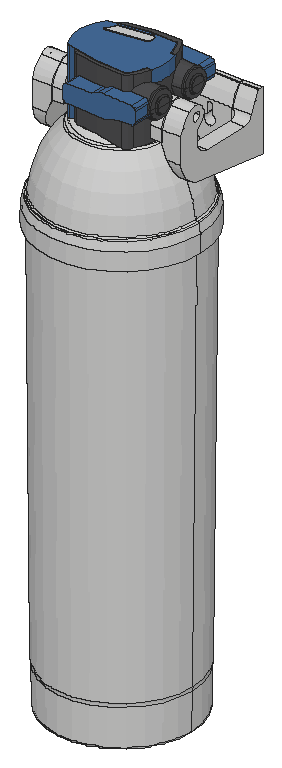
Revit family "DefaultType", category Specialty Equipment, Revit 2018 (continued)
Definition of nested family "QF_Vivreau_Wall Bracket_C500"
  Forms (in)
    Extrusion 4, void
      sketch origin (0, 0, 0) x (1, 0, 0) y (0, 0, 1)
        loop
          arc (1.43554, 54.83453) -> (1.53706, 54.4449) -> (1.64054, 54.83401) r 0.20818
          line (1.64054, 54.83401) -> (1.64054, 55.15765)
          arc (1.64054, 55.15765) -> (1.53804, 55.23272) -> (1.43554, 55.15765) r 0.10752
          line (1.43554, 55.15765) -> (1.43554, 54.83453)
        loop
          arc (3.85556, 54.83453) -> (3.95709, 54.4449) -> (4.06057, 54.83401) r 0.20818
          line (4.06057, 54.83401) -> (4.06057, 55.15765)
          arc (4.06057, 55.15765) -> (3.95806, 55.23272) -> (3.85556, 55.15765) r 0.10752
          line (3.85556, 55.15765) -> (3.85556, 54.83453)
      from 0 to 0.50028
    Extrusion 5, solid
      sketch origin (0, 0, 0) x (0, 1, 0) y (0, 0, 1)
        loop
          arc (-3.32952, 56.64719) -> (-3.60078, 56.37477) -> (-3.74609, 56.01885) r 0.97803
          line (-3.74609, 56.01885) -> (-3.74609, 55.58356) -> (-3.04993, 55.58356) -> (-3.04993, 55.82751)
          arc (-3.04993, 55.82751) -> (-3.01891, 55.92778) -> (-2.95631, 56.01202) r 0.31113
          arc (-2.95631, 56.01202) -> (-2.87354, 56.09395) -> (-2.79381, 56.17883) r 3.21432
          arc (-2.79381, 56.17883) -> (-2.73635, 56.27963) -> (-2.7179, 56.39419) r 0.32555
          arc (-2.7179, 56.39419) -> (-2.77627, 56.58692) -> (-2.92668, 56.72083) r 0.37126
          arc (-2.92668, 56.72083) -> (-3.14017, 56.75004) -> (-3.32952, 56.64719) r 0.34587
      from 0.71175 to 1.13945
    Extrusion 6, solid
      sketch origin (4.34798, 0, 0) x (0, 1, 0) y (0, 0, 1)
        loop
          arc (-3.32952, 56.64719) -> (-3.60078, 56.37477) -> (-3.74609, 56.01885) r 0.97803
          line (-3.74609, 56.01885) -> (-3.74609, 55.58356) -> (-3.04993, 55.58356) -> (-3.04993, 55.82751)
          arc (-3.04993, 55.82751) -> (-3.01891, 55.92778) -> (-2.95631, 56.01202) r 0.31113
          arc (-2.95631, 56.01202) -> (-2.87354, 56.09395) -> (-2.79381, 56.17883) r 3.21432
          arc (-2.79381, 56.17883) -> (-2.73635, 56.27963) -> (-2.7179, 56.39419) r 0.32555
          arc (-2.7179, 56.39419) -> (-2.77627, 56.58692) -> (-2.92668, 56.72083) r 0.37126
          arc (-2.92668, 56.72083) -> (-3.14017, 56.75004) -> (-3.32952, 56.64719) r 0.34587
      from 0 to 0.4277
    Extrusion 7, solid
      sketch origin (0, 0, 0) x (0, 1, 0) y (0, 0, 1)
        loop
          circle (-3.06236, 56.38281) r 0.17302
      from 1.13945 to 1.35172
    Extrusion 8, solid
      sketch origin (2.86179, 0, 0) x (0, 1, 0) y (0, 0, 1)
        loop
          circle (-3.06236, 56.38281) r 0.17302
      from 1.19877 to 1.48618
    Extrusion 9, void
      sketch origin (0, 0, 0) x (1, 0, 0) y (0, 0, 1)
        loop
          line (0.15642, 53.82017) -> (0.15642, 53.76981) -> (0.77378, 53.76981) -> (0.77378, 55.54717) -> (0.71175, 55.54717)
          arc (0.71175, 55.54717) -> (0.39158, 54.69733) -> (0.15642, 53.82017) r 9.23624
      from 0.51986 to 3.74609
    Extrusion 10, void
      sketch origin (5.48742, 0, 0) x (-1, 0, 0) y (0, 0, -1)
        loop
          arc (0.15642, -53.82017) -> (0.39158, -54.69733) -> (0.71175, -55.54717) r 9.23624
          line (0.71175, -55.54717) -> (0.77378, -55.54717) -> (0.77378, -53.76981) -> (0.15642, -53.76981) -> (0.15642, -53.82017)
      from 0.51986 to 3.74609
  Cuts and joins
    Extrusion 4, Extrusion 9 cuts Extrusion 3
    Extrusion 9, Extrusion 10 cuts Extrusion 1
    Extrusion 10 cuts Extrusion 2
  Lines and regions (in)
    symbolic lines
      curve 1: line (0, -3.23537, 56.38281) -> (0, -2.88934, 56.38281)
      curve 2: line (0.40405, -0.13295, 0) -> (0.40405, 0, 0)
      curve 3: line (0.40405, 0, 0) -> (5.08337, 0, 0)
      curve 4: line (5.08337, -0.13295, 0) -> (5.08337, 0, 0)
      curve 5: line (0.40405, -0.13295, 0) -> (5.08337, -0.13295, 0)
      curve 6: arc (0.40405, -0.13295, 0) -> (0.42218, -0.30656, 0) -> (0.44979, -0.47891, 0) r 3.18691
      curve 7: arc (0.44979, -0.47891, 0) -> (0.44265, -0.54927, 0) -> (0.42407, -0.6175, 0) r 0.42983
      curve 8: arc (0.42407, -0.6175, 0) -> (0.08893, -1.60757, 0) -> (0, -2.64903, 0) r 4.34392
      curve 9: arc (1.01852, -0.51986, 0) -> (0.66155, -1.5729, 0) -> (0.57957, -2.68176, 0) r 4.40598
      curve 10: line (0.39328, -2.68176, 0) -> (1.02034, -2.68176, 0)
      curve 11: line (1.02034, -2.68176, 0) -> (1.02034, -3.68176, 0)
      curve 12: arc (0.39328, -2.68176, 0) -> (0.27454, -2.7648, 0) -> (0.22894, -2.90232, 0) r 0.23018
      curve 13: arc (0.12248, -3.08148, 0) -> (0.15422, -3.06272, 0) -> (0.17635, -3.03322, 0) r 0.09432
      curve 14: arc (0.17635, -3.03322, 0) -> (0.20476, -2.96863, 0) -> (0.22894, -2.90232, 0) r 1.08965
      curve 15: arc (0.12248, -3.08148, 0) -> (0.0982, -3.08363, 0) -> (0.07385, -3.08469, 0) r 0.54642
      curve 16: arc (0.07385, -3.08469, 0) -> (0.04284, -3.05822, 0) -> (0.0293, -3.01977, 0) r 0.07844
      curve 17: arc (0.39328, -2.68176, 0) -> (0.44322, -2.69561, 0) -> (0.47889, -2.7332, 0) r 0.09696
      curve 18: arc (0.47889, -2.7332, 0) -> (0.51971, -2.80727, 0) -> (0.54276, -2.88864, 0) r 0.37227
      curve 19: arc (0.54276, -2.88864, 0) -> (0.55909, -3.03706, 0) -> (0.54276, -3.18547, 0) r 0.68254
      curve 20: arc (0.54276, -3.18547, 0) -> (0.46763, -3.39851, 0) -> (0.34409, -3.58761, 0) r 0.94478
      curve 21: arc (0.34409, -3.58761, 0) -> (0.29471, -3.65131, 0) -> (0.23677, -3.70733, 0) r 0.5646
      curve 22: arc (0.23677, -3.70733, 0) -> (0.20133, -3.72715, 0) -> (0.16121, -3.73335, 0) r 0.11449
      curve 23: arc (0.16121, -3.73335, 0) -> (0.12018, -3.73371, 0) -> (0.07926, -3.73682, 0) r 0.61075
      curve 24: arc (0.07926, -3.73682, 0) -> (0.02221, -3.70198, 0) -> (0, -3.63894, 0) r 0.09968
      curve 25: line (0, -3.63894, 0) -> (0, -2.64903, 0)
      curve 26: arc (0.0293, -3.01977, 0) -> (0.01004, -2.90893, 0) -> (0, -2.79687, 0) r 1.36079
      curve 27: arc (0.07926, -3.73682, 0) -> (0.21195, -3.74363, 0) -> (0.3448, -3.74609, 0) r 4.0609
      curve 28: arc (0.3448, -3.74609, 0) -> (0.65283, -3.73623, 0) -> (0.95923, -3.70313, 0) r 4.07828
      curve 29: arc (0.95923, -3.70313, 0) -> (0.99081, -3.69537, 0) -> (1.02034, -3.68176, 0) r 0.17058
      curve 30: arc (5.08337, -0.13295, 0) -> (5.06524, -0.30656, 0) -> (5.03763, -0.47891, 0) r 3.18691
      curve 31: arc (5.03763, -0.47891, 0) -> (5.04477, -0.54927, 0) -> (5.06335, -0.6175, 0) r 0.42983
      curve 32: arc (5.06335, -0.6175, 0) -> (5.39849, -1.60757, 0) -> (5.48742, -2.64903, 0) r 4.34392
      curve 33: arc (4.4689, -0.51986, 0) -> (4.82587, -1.5729, 0) -> (4.90785, -2.68176, 0) r 4.40598
      curve 34: line (5.09414, -2.68176, 0) -> (4.46708, -2.68176, 0)
      curve 35: line (4.46708, -2.68176, 0) -> (4.46708, -3.68176, 0)
      curve 36: arc (5.09414, -2.68176, 0) -> (5.21288, -2.7648, 0) -> (5.25848, -2.90232, 0) r 0.23018
      curve 37: arc (5.36494, -3.08148, 0) -> (5.3332, -3.06272, 0) -> (5.31108, -3.03322, 0) r 0.09432
      curve 38: arc (5.31108, -3.03322, 0) -> (5.28266, -2.96863, 0) -> (5.25848, -2.90232, 0) r 1.08965
      curve 39: arc (5.36494, -3.08148, 0) -> (5.38922, -3.08363, 0) -> (5.41358, -3.08469, 0) r 0.54642
      curve 40: arc (5.41358, -3.08469, 0) -> (5.44458, -3.05822, 0) -> (5.45812, -3.01977, 0) r 0.07844
      curve 41: arc (5.09414, -2.68176, 0) -> (5.0442, -2.69561, 0) -> (5.00853, -2.7332, 0) r 0.09696
      curve 42: arc (5.00853, -2.7332, 0) -> (4.96771, -2.80727, 0) -> (4.94466, -2.88864, 0) r 0.37227
      curve 43: arc (4.94466, -2.88864, 0) -> (4.92833, -3.03706, 0) -> (4.94466, -3.18547, 0) r 0.68254
      curve 44: arc (4.94466, -3.18547, 0) -> (5.01979, -3.39851, 0) -> (5.14334, -3.58761, 0) r 0.94478
      curve 45: arc (5.14334, -3.58761, 0) -> (5.19271, -3.65131, 0) -> (5.25065, -3.70733, 0) r 0.5646
      curve 46: arc (5.25065, -3.70733, 0) -> (5.28609, -3.72715, 0) -> (5.32621, -3.73335, 0) r 0.11449
      curve 47: arc (5.32621, -3.73335, 0) -> (5.36725, -3.73371, 0) -> (5.40816, -3.73682, 0) r 0.61075
      curve 48: arc (5.40816, -3.73682, 0) -> (5.46521, -3.70198, 0) -> (5.48742, -3.63894, 0) r 0.09968
      curve 49: line (5.48742, -3.63894, 0) -> (5.48742, -2.64903, 0)
      curve 50: arc (5.45812, -3.01977, 0) -> (5.47738, -2.90893, 0) -> (5.48742, -2.79687, 0) r 1.36079
      curve 51: arc (5.40816, -3.73682, 0) -> (5.27547, -3.74363, 0) -> (5.14262, -3.74609, 0) r 4.0609
      curve 52: arc (5.14262, -3.74609, 0) -> (4.8346, -3.73623, 0) -> (4.52819, -3.70313, 0) r 4.07828
      curve 53: arc (4.52819, -3.70313, 0) -> (4.49661, -3.69537, 0) -> (4.46708, -3.68176, 0) r 0.17058
      curve 54: line (1.1815, -2.88934, 0) -> (1.02034, -2.88934, 0)
      curve 55: line (1.1815, -2.88934, 0) -> (1.1815, -3.23537, 0)
      curve 56: line (1.1815, -3.23537, 0) -> (1.02034, -3.23537, 0)
      curve 57: line (4.17639, -2.88934, 0) -> (4.46708, -2.88934, 0)
      curve 58: line (4.17639, -2.88934, 0) -> (4.17639, -3.23537, 0)
      curve 59: line (4.17639, -3.23537, 0) -> (4.46708, -3.23537, 0)
      curve 60: line (1.01852, -0.51986, 0) -> (4.4689, -0.51986, 0)
      curve 61: line (0, 0, 0) -> (5.48742, 0, 0)
  Dimensions and locks (in)
    "Depth": plane 4 "FRONT" to plane 1 "BACK"
    equal spacing: plane 4 "FRONT", plane 5 "Center (Front/Back)", plane 1 "BACK"
    locked: plane 3 "LEFT" to plane 7 "RIGHT" at 5.48742
    equal spacing: plane 3 "LEFT", plane 8 "Center (Left/Right)", plane 7 "RIGHT"
    plane 10 "Center F/D" to plane 9 "Center F/C" to plane 11 "Center F/E" to plane 12 "Center F/F" to plane 6 "Center (Bottom/Top)" to plane 14 "Center F/N" = 0' - 0.36597" locked, 0' - 0.36396" locked, 0' - 0.94337" locked, 0' - 1.25532" locked, 1' - 5.82017" locked
    locked: plane 13 "Center F/I" to plane 10 "Center F/D" at 0.16528
    "Mounting Height": plane 14 "Center F/N" to plane 2 "REF. LAYER"
    aligned and locked: level to plane 2 "REF. LAYER"
    aligned and locked: plane 11 "Center F/E" to Extrusion 1 sketch curve
    aligned and locked: plane 1 "BACK" to Extrusion 1 sketch curve
    aligned and locked: plane 12 "Center F/F" to Extrusion 1 sketch curve
    aligned and locked: Extrusion 1 sketch curve to plane 12 "Center F/F"
    aligned and locked: plane 4 "FRONT" to Extrusion 1 sketch curve
    aligned and locked: plane 3 "LEFT" to curve 61
    aligned and locked: plane 7 "RIGHT" to curve 61
    aligned and locked: curve 61 to plane 2 "REF. LAYER"
    aligned and locked: Extrusion 5 to cut or joined group of Extrusion 1, Extrusion 9, Extrusion 10
    aligned and locked: Extrusion 6 to cut or joined group of Extrusion 2, Extrusion 10
  Automatic sketch dimensions
    curve 1 to plane 9 "Center F/C" = 0' - 0"
    curve 1 to plane 4 "FRONT" = 0' - 0.51072"
    curve 1 to curve 1 = 0' - 0.34603"
    curve 26 to plane 3 "LEFT" = 0' - 0"
    plane 4 "FRONT" to curve 27 = 0' - 0"
    plane 1 "BACK" to curve 2 = 0' - 0"
    plane 4 "FRONT" to curve 51 = 0' - 0"
    curve 48 to plane 7 "RIGHT" = 0' - 0"
    curve 19 to plane 3 "LEFT" = 0' - 0.12345"
    curve 21 to plane 3 "LEFT" = 0' - 0.12571"
    curve 20 to curve 19 = 0' - 0.25597"
    curve 14 to curve 20 = 0' - 0.42691"
    plane 3 "LEFT" to curve 7 = 0' - 0.02004"
    plane 3 "LEFT" to curve 15 = 0' - 0.06218"
    plane 3 "LEFT" to curve 13 = 0' - 0.09129"
    plane 3 "LEFT" to curve 24 = 0' - 0.09968"
    curve 13 to curve 16 = 0' - 0.01623"
    plane 3 "LEFT" to curve 23 = 0' - 0.146"
    curve 24 to curve 22 = 0' - 0.06438"
    curve 16 to curve 18 = 0' - 0.06786"
    plane 3 "LEFT" to curve 27 = 0' - 0.35368"
    curve 27 to curve 28 = 0' - 0.01466"
    curve 18 to curve 10 = 0' - 0.2179"
    plane 1 "BACK" to curve 5 = 0' - 0.13295"
    plane 3 "LEFT" to curve 5 = 0' - 0.40405"
    curve 17 to curve 12 = 0' - 0.06584"
    curve 12 to curve 33 = 0' - 0.11471"
    curve 29 to plane 4 "FRONT" = 0' - 0.21174"
    curve 22 to curve 29 = 0' - 0.77045"
    plane 1 "BACK" to curve 60 = 0' - 0.51986"
    curve 2 to curve 60 = 0' - 0.61447"
    curve 33 to curve 11 = 0' - 0.51235"
    curve 10 to curve 32 = 0' - 0.12589"
    curve 54 to curve 54 = 0' - 0.16115"
    curve 54 to curve 26 = 0' - 0.17773"
    curve 30 to plane 1 "BACK" = 0' - 0.11117"
    curve 30 to plane 8 "Center (Left/Right)" = 0' - 0.83788"
    curve 6 to plane 1 "BACK" = 0' - 0.11117"
    plane 8 "Center (Left/Right)" to curve 6 = 0' - 0.83788"
    curve 50 to plane 7 "RIGHT" = 0' - 1.35923"
    curve 50 to curve 57 = 0' - 0.0482"
    curve 50 to curve 8 = 0' - 0.213"
    curve 8 to curve 34 = 0' - 0.12589"
    curve 60 to plane 7 "RIGHT" = 0' - 1.01852"
    curve 35 to curve 53 = 0' - 0.08583"
    curve 9 to plane 7 "RIGHT" = 0' - 0.50799"
    curve 9 to curve 36 = 0' - 0.04887"
    curve 5 to plane 7 "RIGHT" = 0' - 0.40405"
    curve 36 to curve 34 = 0' - 0.06584"
    curve 3 to curve 52 = 0' - 0.03571"
    curve 52 to curve 51 = 0' - 0.01466"
    curve 42 to plane 7 "RIGHT" = 0' - 0.17538"
    curve 46 to plane 4 "FRONT" = 0' - 0.12719"
    curve 46 to plane 7 "RIGHT" = 0' - 0 21/128"
    curve 47 to plane 7 "RIGHT" = 0' - 0.146"
    curve 42 to curve 40 = 0' - 0.06786"
    curve 46 to curve 48 = 0' - 0.06438"
    curve 40 to curve 37 = 0' - 0.01623"
    curve 39 to plane 7 "RIGHT" = 0' - 0.06218"
    curve 31 to plane 7 "RIGHT" = 0' - 0.02004"
    plane 7 "RIGHT" to curve 43 = 0' - 0.12345"
    plane 7 "RIGHT" to curve 45 = 0' - 0.12571"
    curve 43 to curve 44 = 0' - 0.25597"
    curve 44 to curve 38 = 0' - 0.42691"
    plane 4 "FRONT" to curve 47 = 0' - 0.59782"
    plane 4 "FRONT" to curve 23 = 0' - 0.59782"
    curve 11 to plane 4 "FRONT" = 0' - 0.06433"
    curve 35 to plane 4 "FRONT" = 0' - 0.06433"
    curve 48 to curve 46 = 0' - 0.02035"
    curve 28 to curve 24 = 0' - 0.10684"
    curve 24 to curve 25 = 0' - 0.00031"
    curve 48 to curve 49 = 0' - 0.00031"
    curve 24 to curve 22 = 0' - 0.02035"
    curve 35 to curve 53 = 0' - 0.14741"
    curve 25 to curve 21 = 0' - 0.36448"
    curve 48 to curve 45 = 0' - 0.36448"
    curve 29 to curve 56 = 0' - 0.29898"
    curve 53 to curve 58 = 0' - 0.29898"
    curve 21 to curve 19 = 0' - 0.23741"
    curve 45 to curve 43 = 0' - 0.23741"
    curve 19 to curve 16 = 0' - 0.02321"
    curve 43 to curve 40 = 0' - 0.02321"
    curve 16 to curve 13 = 0' - 0.02138"
    curve 40 to curve 37 = 0' - 0.02138"
    curve 19 to curve 20 = 0' - 0.05702"
    curve 43 to curve 44 = 0' - 0.05702"
    curve 40 to curve 42 = 0' - 0.06509"
    curve 16 to curve 18 = 0' - 0.06509"
    curve 18 to curve 12 = 0' - 0.04643"
    curve 42 to curve 36 = 0' - 0.04643"
    curve 58 to curve 57 = 0' - 0.34603"
    curve 55 to curve 54 = 0' - 0.34603"
    curve 36 to curve 41 = 0' - 0.12361"
    curve 12 to curve 17 = 0' - 0.12361"
    curve 57 to curve 50 = 0' - 0.15777"
    curve 54 to curve 26 = 0' - 0.15777"
    curve 54 to curve 11 = 0' - 0.20758"
    curve 57 to curve 34 = 0' - 0.20758"
    curve 12 to curve 25 = 0' - 0.25329"
    curve 36 to curve 49 = 0' - 0.25329"
    curve 20 to curve 14 = 0' - 0.41766"
    curve 44 to curve 38 = 0' - 0.41766"
    curve 8 to curve 15 = 0' - 0.11064"
    curve 32 to curve 39 = 0' - 0.11064"
    curve 34 to curve 8 = 0' - 0.18655"
    curve 10 to curve 32 = 0' - 0.18655"
    curve 9 to curve 33 = 0' - 0.23217"
    curve 33 to curve 9 = 0' - 0.23217"
    plane 1 "BACK" to curve 31 = 0' - 0.47084"
    plane 1 "BACK" to curve 7 = 0' - 0.47084"
    curve 51 to plane 1 "BACK" = 0' - 0.31479"
    curve 27 to plane 1 "BACK" = 0' - 0.31479"
    curve 51 to curve 52 = 0' - 0.01732"
    curve 27 to curve 28 = 0' - 0.01732"
    plane 3 "LEFT" to curve 26 = 0' - 0.0293"
    plane 3 "LEFT" to curve 16 = 0' - 0.07385"
    curve 27 to curve 24 = 0' - 0.02042"
    curve 16 to curve 13 = 0' - 0.04863"
    curve 22 to curve 23 = 0' - 0"
    curve 13 to curve 14 = 0' - 0"
    curve 21 to plane 4 "FRONT" = 0' - 0.03876"
    curve 20 to plane 4 "FRONT" = 0' - 0.15848"
    plane 3 "LEFT" to curve 8 = 0' - 0.42407"
    curve 17 to curve 17 = 0' - 0.08561"
    curve 19 to curve 20 = 0' - 0"
    curve 52 to curve 53 = 0' - 0"
    curve 42 to curve 36 = 0' - 0.08364"
    curve 43 to curve 36 = 0' - 0.08364"
    curve 44 to curve 43 = 0' - 0"
    curve 31 to curve 4 = 0' - 0.04574"
    curve 45 to plane 4 "FRONT" = 0' - 0.15848"
    curve 46 to plane 4 "FRONT" = 0' - 0.03876"
    curve 37 to curve 38 = 0' - 0"
    curve 37 to curve 40 = 0' - 0.01496"
    curve 39 to curve 39 = 0' - 0.04863"
    curve 50 to plane 7 "RIGHT" = 0' - 0.0293"
    Extrusion 1 sketch curve to plane 9 "Center F/C" = 0' - 0"
    Extrusion 1 sketch curve to plane 6 "Center (Bottom/Top)" = 0' - 0"
    Extrusion 1 sketch curve to plane 12 "Center F/F" = 0' - 0"
    Extrusion 1 sketch curve to plane 11 "Center F/E" = 0' - 0"
    plane 4 "FRONT" to Extrusion 1 sketch curve = 0' - 1.42987"
    plane 9 "Center F/C" to Extrusion 1 sketch curve = 0' - 0.00416"
    Extrusion 1 sketch curve to plane 4 "FRONT" = 0' - 0.657"
    Extrusion 1 sketch curve to Extrusion 1 sketch curve = 0' - 0.01111"
    Extrusion 1 sketch curve to Extrusion 1 sketch curve = 0' - 0.02674"
    Extrusion 1 sketch curve to plane 11 "Center F/E" = 0' - 0.19134"
    Extrusion 1 sketch curve to Extrusion 1 sketch curve = 0' - 0.01242"
    plane 6 "Center (Bottom/Top)" to Extrusion 1 sketch curve = 0' - 0.39563"
    Extrusion 1 sketch curve to plane 4 "FRONT" = 0' - 0.69616"
    Extrusion 1 sketch curve to Extrusion 1 sketch curve = 0' - 0.01897"
    Extrusion 1 sketch curve to Extrusion 1 sketch curve = 0' - 0.26431"
    Extrusion 1 sketch curve to Extrusion 1 sketch curve = 0' - 0.04417"
    plane 12 "Center F/F" to Extrusion 1 sketch curve = 0' - 0.12897"
    Extrusion 1 sketch curve to Extrusion 1 sketch curve = 0' - 0.1996"
    plane 1 "BACK" to Extrusion 1 sketch curve = 0' - 0.82448"
    Extrusion 1 sketch curve to Extrusion 1 sketch curve = 0' - 0.01126"
    Extrusion 1 sketch curve to Extrusion 1 sketch curve = 0' - 0.13295"
    Extrusion 1 sketch curve to Extrusion 1 sketch curve = 0' - 0.01033"
    Extrusion 1 sketch curve to plane 12 "Center F/F" = 0' - 0.24956"
    Extrusion 1 sketch curve to plane 1 "BACK" = 0' - 1.35693"
    plane 12 "Center F/F" to Extrusion 1 sketch curve = 0' - 0.33547"
    Extrusion 1 sketch curve to plane 11 "Center F/E" = 0' - 0.23186"
    Extrusion 1 sketch curve to Extrusion 1 sketch curve = 0' - 0.04736"
    Extrusion 1 sketch curve to plane 11 "Center F/E" = 0' - 0.05594"
    plane 9 "Center F/C" to Extrusion 1 sketch curve = 0' - 0.00505"
    Extrusion 1 sketch curve to Extrusion 1 sketch curve = 0' - 0.02283"
    plane 13 "Center F/I" to Extrusion 1 sketch curve = 0' - 1.42282"
    Extrusion 1 sketch curve to plane 10 "Center F/D" = 0' - 0.10159"
    Extrusion 1 sketch curve to Extrusion 1 sketch curve = 0' - 0"  (x3)
    plane 11 "Center F/E" to Extrusion 1 sketch curve = 0' - 0.15998"
    Extrusion 2 sketch curve to plane 4 "FRONT" = 0' - 0"
    Extrusion 2 sketch curve to plane 9 "Center F/C" = 0' - 0"
    Extrusion 2 sketch curve to plane 12 "Center F/F" = 0' - 0"  (x2)
    Extrusion 2 sketch curve to plane 11 "Center F/E" = 0' - 0"  (x2)
    Extrusion 2 sketch curve to plane 1 "BACK" = 0' - 0"
    Extrusion 2 sketch curve to plane 6 "Center (Bottom/Top)" = 0' - 0"
    plane 4 "FRONT" to Extrusion 2 sketch curve = 0' - 1.42987"
    plane 9 "Center F/C" to Extrusion 2 sketch curve = 0' - 0.00416"
    Extrusion 2 sketch curve to plane 4 "FRONT" = 0' - 0.657"
    Extrusion 2 sketch curve to Extrusion 2 sketch curve = 0' - 0.01111"
    Extrusion 2 sketch curve to Extrusion 2 sketch curve = 0' - 0.02674"
    Extrusion 2 sketch curve to plane 11 "Center F/E" = 0' - 0.19134"
    Extrusion 2 sketch curve to Extrusion 2 sketch curve = 0' - 0.01242"
    plane 6 "Center (Bottom/Top)" to Extrusion 2 sketch curve = 0' - 0.39563"
    Extrusion 2 sketch curve to plane 4 "FRONT" = 0' - 0.69616"
    Extrusion 2 sketch curve to Extrusion 2 sketch curve = 0' - 0.01897"
    Extrusion 2 sketch curve to Extrusion 2 sketch curve = 0' - 0.26431"
    Extrusion 2 sketch curve to Extrusion 2 sketch curve = 0' - 0.04417"
    plane 12 "Center F/F" to Extrusion 2 sketch curve = 0' - 0.12897"
    Extrusion 2 sketch curve to Extrusion 2 sketch curve = 0' - 0.1996"
    plane 1 "BACK" to Extrusion 2 sketch curve = 0' - 0.82448"
    Extrusion 2 sketch curve to Extrusion 2 sketch curve = 0' - 0.01126"
    Extrusion 2 sketch curve to Extrusion 2 sketch curve = 0' - 0.13295"
    Extrusion 2 sketch curve to Extrusion 2 sketch curve = 0' - 0.01033"
    Extrusion 2 sketch curve to plane 12 "Center F/F" = 0' - 0.24956"
    Extrusion 2 sketch curve to plane 1 "BACK" = 0' - 1.35693"
    plane 12 "Center F/F" to Extrusion 2 sketch curve = 0' - 0.33547"
    Extrusion 2 sketch curve to plane 11 "Center F/E" = 0' - 0.23186"
    Extrusion 2 sketch curve to Extrusion 2 sketch curve = 0' - 0.04736"
    Extrusion 2 sketch curve to plane 11 "Center F/E" = 0' - 0.05594"
    plane 9 "Center F/C" to Extrusion 2 sketch curve = 0' - 0.00505"
    Extrusion 2 sketch curve to Extrusion 2 sketch curve = 0' - 0.02283"
    plane 13 "Center F/I" to Extrusion 2 sketch curve = 0' - 1.42282"
    Extrusion 2 sketch curve to plane 10 "Center F/D" = 0' - 0.10159"
    Extrusion 2 sketch curve to Extrusion 2 sketch curve = 0' - 0"  (x3)
    plane 11 "Center F/E" to Extrusion 2 sketch curve = 0' - 0.15998"
    Extrusion 3 sketch curve to plane 11 "Center F/E" = 0' - 0"
    Extrusion 3 sketch curve to plane 1 "BACK" = 0' - 0"
    Extrusion 3 sketch curve to plane 6 "Center (Bottom/Top)" = 0' - 0"
    Extrusion 3 sketch curve to plane 11 "Center F/E" = 0' - 0.05594"
    plane 1 "BACK" to Extrusion 3 sketch curve = 0' - 0.12262"
    Extrusion 3 sketch curve to Extrusion 3 sketch curve = 0' - 0.01033"
    plane 6 "Center (Bottom/Top)" to Extrusion 3 sketch curve = 0' - 0.0649"
    plane 1 "BACK" to Extrusion 3 sketch curve = 0' - 0.50028"
    Extrusion 3 sketch curve to plane 12 "Center F/F" = 0' - 0.24956"
    Extrusion 3 sketch curve to plane 1 "BACK" = 0' - 1.35693"
    plane 12 "Center F/F" to Extrusion 3 sketch curve = 0' - 0.24852"
    plane 12 "Center F/F" to Extrusion 4 sketch curve = 0' - 0.08217"  (x2)
    Extrusion 4 sketch curve to plane 8 "Center (Left/Right)" = 0' - 1.30818"
    Extrusion 4 sketch curve to Extrusion 4 sketch curve = 0' - 0.10205"  (x2)
    plane 12 "Center F/F" to Extrusion 4 sketch curve = 0' - 0.04972"  (x2)
    Extrusion 4 sketch curve to Extrusion 4 sketch curve = 0' - 0.1025"  (x2)
    Extrusion 4 sketch curve to Extrusion 4 sketch curve = 0' - 0.205"  (x2)
    Extrusion 4 sketch curve to plane 12 "Center F/F" = 0' - 0.24096"
    plane 8 "Center (Left/Right)" to Extrusion 4 sketch curve = 0' - 1.11185"
    Extrusion 4 sketch curve to plane 12 "Center F/F" = 0' - 0.24147"
    Extrusion 4 sketch curve to Extrusion 4 sketch curve = 0' - 0.00051"
    Extrusion 4 sketch curve to Extrusion 4 sketch curve = 0' - 0.18093"
    Extrusion 5 sketch curve to plane 4 "FRONT" = 0' - 0"
    Extrusion 5 sketch curve to plane 11 "Center F/E" = 0' - 0"
    plane 4 "FRONT" to Extrusion 5 sketch curve = 0' - 1.42987"
    plane 9 "Center F/C" to Extrusion 5 sketch curve = 0' - 0.00416"
    Extrusion 5 sketch curve to plane 4 "FRONT" = 0' - 0.657"
    Extrusion 5 sketch curve to Extrusion 5 sketch curve = 0' - 0.01111"
    Extrusion 5 sketch curve to plane 4 "FRONT" = 0' - 0.69616"
    Extrusion 5 sketch curve to Extrusion 5 sketch curve = 0' - 0.0346"
    Extrusion 5 sketch curve to Extrusion 5 sketch curve = 0' - 0.26431"
    Extrusion 5 sketch curve to Extrusion 5 sketch curve = 0' - 0.04417"
    Extrusion 5 sketch curve to plane 11 "Center F/E" = 0' - 0.1845"
    Extrusion 5 sketch curve to plane 11 "Center F/E" = 0' - 0.19134"
    Extrusion 5 sketch curve to Extrusion 5 sketch curve = 0' - 0.04736"
    Extrusion 5 sketch curve to Extrusion 5 sketch curve = 0' - 0.43529"
    plane 9 "Center F/C" to Extrusion 5 sketch curve = 0' - 0.00505"
    Extrusion 5 sketch curve to Extrusion 5 sketch curve = 0' - 0.02283"
    plane 13 "Center F/I" to Extrusion 5 sketch curve = 0' - 1.42282"
    Extrusion 5 sketch curve to plane 10 "Center F/D" = 0' - 0.10159"
    Extrusion 5 sketch curve to Extrusion 5 sketch curve = 0' - 0"  (x2)
    plane 11 "Center F/E" to Extrusion 5 sketch curve = 0' - 0.15998"
    Extrusion 6 sketch curve to plane 4 "FRONT" = 0' - 0"
    Extrusion 6 sketch curve to plane 11 "Center F/E" = 0' - 0"
    plane 4 "FRONT" to Extrusion 6 sketch curve = 0' - 1.42987"
    plane 9 "Center F/C" to Extrusion 6 sketch curve = 0' - 0.00416"
    Extrusion 6 sketch curve to plane 4 "FRONT" = 0' - 0.657"
    Extrusion 6 sketch curve to Extrusion 6 sketch curve = 0' - 0.01111"
    Extrusion 6 sketch curve to plane 4 "FRONT" = 0' - 0.69616"
    Extrusion 6 sketch curve to Extrusion 6 sketch curve = 0' - 0.0346"
    Extrusion 6 sketch curve to Extrusion 6 sketch curve = 0' - 0.26431"
    Extrusion 6 sketch curve to Extrusion 6 sketch curve = 0' - 0.04417"
    Extrusion 6 sketch curve to plane 11 "Center F/E" = 0' - 0.1845"
    Extrusion 6 sketch curve to plane 11 "Center F/E" = 0' - 0.19134"
    Extrusion 6 sketch curve to Extrusion 6 sketch curve = 0' - 0.04736"
    Extrusion 6 sketch curve to Extrusion 6 sketch curve = 0' - 0.43529"
    plane 9 "Center F/C" to Extrusion 6 sketch curve = 0' - 0.00505"
    Extrusion 6 sketch curve to Extrusion 6 sketch curve = 0' - 0.02283"
    plane 13 "Center F/I" to Extrusion 6 sketch curve = 0' - 1.42282"
    Extrusion 6 sketch curve to plane 10 "Center F/D" = 0' - 0.10159"
    Extrusion 6 sketch curve to Extrusion 6 sketch curve = 0' - 0"  (x2)
    plane 11 "Center F/E" to Extrusion 6 sketch curve = 0' - 0.15998"
    Extrusion 7 sketch curve to plane 9 "Center F/C" = 0' - 0"
    Extrusion 7 sketch curve to plane 4 "FRONT" = 0' - 0.68374"
    Extrusion 8 sketch curve to plane 9 "Center F/C" = 0' - 0"
    Extrusion 8 sketch curve to plane 4 "FRONT" = 0' - 0.68374"
    Extrusion 9 sketch curve to plane 6 "Center (Bottom/Top)" = 0' - 0"
    Extrusion 9 sketch curve to plane 6 "Center (Bottom/Top)" = 0' - 0.05036"
    plane 3 "LEFT" to Extrusion 9 sketch curve = 0' - 0.15642"
    Extrusion 9 sketch curve to plane 11 "Center F/E" = 0' - 0.47168"
    plane 3 "LEFT" to Extrusion 9 sketch curve = 0' - 0.71175"
    Extrusion 9 sketch curve to Extrusion 9 sketch curve = 0' - 0.61736"
    Extrusion 9 sketch curve to plane 6 "Center (Bottom/Top)" = 0' - 1.95025"
    Extrusion 10 sketch curve to plane 6 "Center (Bottom/Top)" = 0' - 0"
    plane 6 "Center (Bottom/Top)" to Extrusion 10 sketch curve = 0' - 0.05036"
    plane 7 "RIGHT" to Extrusion 10 sketch curve = 0' - 0.15642"
    plane 11 "Center F/E" to Extrusion 10 sketch curve = 0' - 0.47168"
    Extrusion 10 sketch curve to Extrusion 10 sketch curve = 0' - 0.55533"
    Extrusion 10 sketch curve to Extrusion 10 sketch curve = 0' - 0.61736"
    plane 6 "Center (Bottom/Top)" to Extrusion 10 sketch curve = 0' - 1.95025"
    radius of Extrusion 1 sketch curve = 0' - 0.17302"
    radius of Extrusion 2 sketch curve = 0' - 0.17302"
    radius of Extrusion 7 sketch curve = 0' - 0.17302"
    radius of Extrusion 8 sketch curve = 0' - 0.17302"
